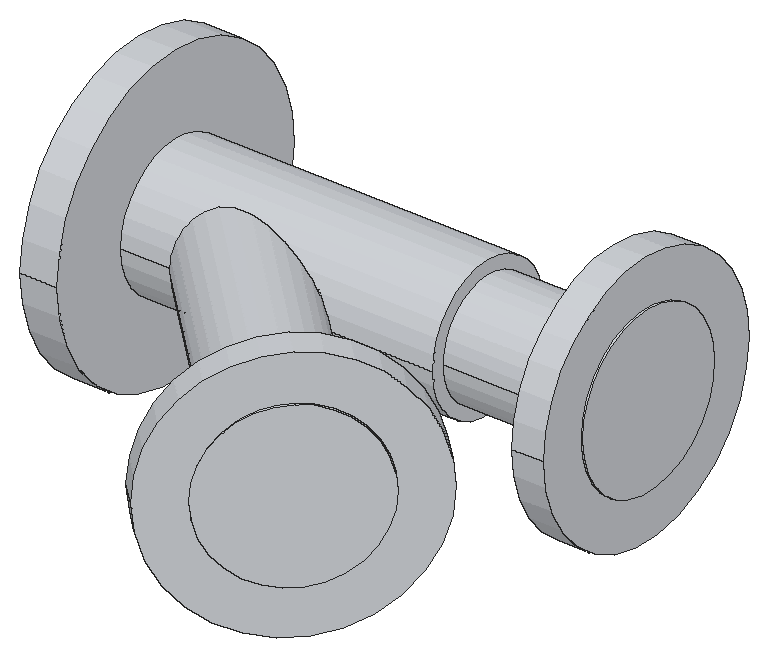
Revit family "be2141bf719e42af8dbcf5ea689d5831", category Pipe Fittings, Revit 2021
Family settings
  Round Connector Dimension = Use Radius
  Part Type = Lateral Tee
  OmniClass Number = 23.60.30.11.14
  OmniClass Title = Pipework Fittings
  Seek Item ID = Lateral 45 Deg Reducing - Flanged - GI - Class 250-0000-USA-ENU
  Work Plane-Based = No
  Always vertical = Yes
  Cut with Voids When Loaded = No
  Shared = No
Parameters (values of type "Standard")
  Tick Size 3 [instance] = Flange Diameter 3 * 0.4  # 2.59843"
  Tick Size 2 [instance] = Flange Diameter 2 * 0.4  # 2.59843"
  Tick Size 1 [instance] = Flange Diameter 1 * 0.4  # 3.00787"
  Short Center to Face [instance] = size_lookup(Lookup Table Name, "SCtF", 0.35 * Max Nominal Diameter 123 + 1 111/128", Max Nominal Diameter 123)  # 2.51969"
  Raised Face Thickness [instance] = 1/16"  # constant formula
  Raised Face Radius 3 [instance] = Raised Face Diameter 3 / 2  # 2.08661"
  Raised Face Radius 2 [instance] = Raised Face Diameter 2 / 2  # 2.08661"
  Raised Face Radius 1 [instance] = Raised Face Diameter 1 / 2  # 2.46063"
  Raised Face Diameter 3 [instance] = size_lookup(Lookup Table Name, "RFD", 1.2 * Nominal Diameter 3 + 2 1/256", Nominal Diameter 3)  # 4.17323"
  Raised Face Diameter 2 [instance] = size_lookup(Lookup Table Name, "RFD", 1.2 * Nominal Diameter 2 + 2 1/256", Nominal Diameter 2)  # 4.17323"
  Raised Face Diameter 1 [instance] = size_lookup(Lookup Table Name, "RFD", 1.2 * Nominal Diameter 1 + 2 1/256", Nominal Diameter 1)  # 4.92126"
  Nominal Radius 3 [instance] = 1"
  Nominal Radius 2 [instance] = 1"
  Nominal Radius 1 [instance] = 1 1/4"
  Min Nominal Diameter 12 [instance] = if(Nominal Diameter 1 > Nominal Diameter 2, Nominal Diameter 2, Nominal Diameter 1)  # 2"
  Max Nominal Diameter 12 [instance] = if(Nominal Diameter 1 > Nominal Diameter 2, Nominal Diameter 1, Nominal Diameter 2)  # 2 1/2"
  Max Nominal Diameter 123 [instance] = if(and(not(Nominal Diameter 1 < Nominal Diameter 2), not(Nominal Diameter 1 < Nominal Diameter 3)), Nominal Diameter 1, if(and(not(Nominal Diameter 2 < Nominal Diameter 1), not(Nominal Diameter 2 < Nominal Diameter 3)), Nominal Diameter 2, Nominal Diameter 3))  # 2 1/2"
  Nominal Diameter 3 [instance] = Nominal Radius 3 * 2  # 2"
  Nominal Diameter 2 [instance] = Nominal Radius 2 * 2  # 2"
  Nominal Diameter 1 [instance] = Nominal Radius 1 * 2  # 2 1/2"
  Wall Thickness 3 [instance] = size_lookup(Lookup Table Name, "WThk", 0.06 * Nominal Diameter 3 + 97/256", Nominal Diameter 3)  # 0.43701"
  Wall Thickness 2 [instance] = size_lookup(Lookup Table Name, "WThk", 0.06 * Min Nominal Diameter 12 + 97/256", Min Nominal Diameter 12)  # 0.43701"
  Wall Thickness 1 [instance] = size_lookup(Lookup Table Name, "WThk", 0.06 * Max Nominal Diameter 12 + 97/256", Max Nominal Diameter 12)  # 1/2"
  Loss Method = K Coefficient from Table
  Lookup Table Name = "Lateral 45 Deg Reducing - Flanged - GI - Class 250"
  K Coefficient Table = "Flanged Tee"
  Default Elevation = 0' - 0"
  Branch Length 2 [instance] = Branch Length 1 + Flange Thickness 3  # 10.51181"
  Branch Length 1 [instance] = if(and(not(Angle > 90.00°), Length 1 < 0"), (Max Flange Radius 12 + Flange Radius 3 * cos(Angle)) / sin(Angle), if(and(Angle > 90.00°, Length 1 < 0"), (Max Flange Radius 12 + Flange Radius 3 * cos(180.00° - Angle)) / sin(180.00° - Angle), C3 Center to Face - Flange Thickness 3))  # 9.6378"
  Run Length 6 [instance] = Fix Length + Run Length 4  # 246.4252"
  C3 Center to Face [instance] = if(not(Max Nominal Diameter 123 > 16"), Center to Face, if(not(Nominal Diameter 3 > Branch Size and Smaller), Center to Face Branch, Center to Face))  # 10.51181"
  Run Length 5 [instance] = if(or(and(Angle > 90.00°, Nominal Diameter 1 > Nominal Diameter 2), and(Angle < 90.00°, Nominal Diameter 1 < Nominal Diameter 2, not(Length 3 < 0"))), Run Length - Length 3 / 3, if(and(Angle < 90.00°, Nominal Diameter 1 < Nominal Diameter 2, Length 3 < 0"), Run Length, Run Length - Length 4 / 3))  # 7.94488"
  Run Length 4 [instance] = Run Length 5 - Run Length 1  # 6.4252"
  C2 Center to Face [instance] = if(not(Max Nominal Diameter 123 > 16"), Center to Face, if(not(Nominal Diameter 3 > Branch Size and Smaller), Center to Face Run 2, Center to Face))  # 10.51181"
  Run Length 3 [instance] = if(and(not(Angle > 90.00°), Length 1 < 0"), Max Flange Radius 12 / tan(Angle - atan(Flange Radius 3 / Branch Length 1)) + Flange Thickness 12 + Raised Face Thickness, if(and(Angle > 90.00°, Length 1 < 0"), Max Flange Radius 12 / tan(180.00° - Angle - atan(Flange Radius 3 / Branch Length 1)) + Flange Thickness 12, C2 Center to Face))  # 10.51181"
  Run Length 2 [instance] = if(not(Nominal Diameter 1 < Nominal Diameter 2), Fix Length - Run Length 1, Fix Length + Run Length 4 - Run Length)  # 238.48031"
  Run Length 1 [instance] = if(and(Angle > 90.00°, Nominal Diameter 2 > Nominal Diameter 1), 2 * Length 4 / 3, if(and(Angle > 90.00°, not(Nominal Diameter 2 > Nominal Diameter 1)), Length 4, if(and(Angle < 90.00°, Nominal Diameter 2 > Nominal Diameter 1), 2 * Length 3 / 3, Length 3)))  # 1.51969"
  C1 Center to Face [instance] = if(not(Max Nominal Diameter 123 > 16"), Short Center to Face, if(not(Nominal Diameter 3 > Branch Size and Smaller), Center to Face Run 1, Short Center to Face))  # 2.51969"
  Length 1 [instance] = if(Angle < 90.00°, ((C3 Center to Face - Flange Thickness 3) / cos(Angle 3) * sin(Angle - Angle 3) - Max Flange Radius 12), ((C3 Center to Face - Flange Thickness 3) / cos(Angle 3) * sin(180.00° - Angle - Angle 3) - Max Flange Radius 12))  # 0.7584"
  Run Length [instance] = Length 3 + Length 4  # 11.15748"
  Length 4 [instance] = Run Length 3 - Flange Thickness 12  # 9.6378"
  Length 3 [instance] = if(not(Angle > 90.00°), C1 Center to Face - Flange Thickness 1, C1 Center to Face - Flange Thickness 2)  # 1.51969"
  Length 2 [instance] = Run Length - (Run Length 5)  # 3.2126"
  Fix Length [instance] = 240"  # constant formula
  Flange Thickness 12 [instance] = if(not(Angle > 90.00°), Flange Thickness 2, Flange Thickness 1)  # 0.87402"
  Max Flange Thickness 12 [instance] = size_lookup(Lookup Table Name, "FThk", 0.06 * Max Nominal Diameter 12 + 149/256", Max Nominal Diameter 12)  # 1"
  Max Flange Radius 12 [instance] = Max Flange Diameter 12 / 2  # 3.75984"
  Max Flange Diameter 12 [instance] = size_lookup(Lookup Table Name, "FDia", 1.21 * Max Nominal Diameter 12 + 3 105/128", Max Nominal Diameter 12)  # 7.51969"
  Fitting Outside Radius 3 [instance] = Fitting Outside Diameter 3 / 2  # 1.44094"
  Fitting Outside Radius 2 [instance] = Fitting Outside Diameter 2 / 2  # 1.44094"
  Fitting Outside Radius 1 [instance] = Fitting Outside Diameter 1 / 2  # 1.75984"
  Fitting Outside Diameter 3 [instance] = Fitting Inside Diameter 3 + Wall Thickness 3 * 2  # 2.88189"
  Fitting Outside Diameter 2 [instance] = Fitting Inside Diameter 2 + Wall Thickness 2 * 2  # 2.88189"
  Fitting Outside Diameter 1 [instance] = Fitting Inside Diameter 1 + Wall Thickness 1 * 2  # 3.51969"
  Fitting Inside Diameter 3 [instance] = size_lookup(Lookup Table Name, "FID", 0.97 * Nominal Diameter 3 + 13/128", Nominal Diameter 3)  # 2.00787"
  Fitting Inside Diameter 2 [instance] = size_lookup(Lookup Table Name, "FID", 0.97 * Min Nominal Diameter 12 + 13/128", Min Nominal Diameter 12)  # 2.00787"
  Fitting Inside Diameter 1 [instance] = size_lookup(Lookup Table Name, "FID", 0.97 * Max Nominal Diameter 12 + 13/128", Max Nominal Diameter 12)  # 2.51969"
  Center to Face Run 2 [instance] = size_lookup(Lookup Table Name, "CtFR2", 1.7 * Max Nominal Diameter 12 + 169/256", Max Nominal Diameter 12)  # 0.03937"
  Center to Face Run 1 [instance] = size_lookup(Lookup Table Name, "CtFR1", 0.53 * Max Nominal Diameter 12 + 4 23/32", Max Nominal Diameter 12)  # 0.03937"
  Flange Thickness 3 [instance] = size_lookup(Lookup Table Name, "FThk", 0.083 * Nominal Diameter 3 + 217/256", Nominal Diameter 3)  # 0.87402"
  Flange Thickness 2 [instance] = size_lookup(Lookup Table Name, "FThk", 0.083 * Nominal Diameter 2 + 217/256", Nominal Diameter 2)  # 0.87402"
  Flange Thickness 1 [instance] = size_lookup(Lookup Table Name, "FThk", 0.083 * Nominal Diameter 1 + 217/256", Nominal Diameter 1)  # 1"
  Flange Radius 3 [instance] = Flange Diameter 3 / 2  # 3.24803"
  Flange Radius 2 [instance] = Flange Diameter 2 / 2  # 3.24803"
  Flange Radius 1 [instance] = Flange Diameter 1 / 2  # 3.75984"
  Flange Diameter 3 [instance] = size_lookup(Lookup Table Name, "FDia", 1.34 * Nominal Diameter 3 + 4 3/16", Nominal Diameter 3)  # 6.49606"
  Flange Diameter 2 [instance] = size_lookup(Lookup Table Name, "FDia", 1.34 * Nominal Diameter 2 + 4 3/16", Nominal Diameter 2)  # 6.49606"
  Flange Diameter 1 [instance] = size_lookup(Lookup Table Name, "FDia", 1.34 * Nominal Diameter 1 + 4 3/16", Nominal Diameter 1)  # 7.51969"
  Center to Face Branch [instance] = size_lookup(Lookup Table Name, "CtFB", 1.77 * Max Nominal Diameter 123 + 1 19/256", Max Nominal Diameter 123)  # 0.03937"
  Center to Face [instance] = size_lookup(Lookup Table Name, "CtF", 1.79 * Max Nominal Diameter 123 + 5 219/256", Max Nominal Diameter 123)  # 10.51181"
  Branch Size and Smaller [instance] = size_lookup(Lookup Table Name, "BSaS", 0.64 * Max Nominal Diameter 12 - 3 15/64", Max Nominal Diameter 12)  # 1"
  Angle 3 [instance] = atan(Flange Radius 3 / (C3 Center to Face - Flange Thickness 3))  # 18.6243°
  Angle [instance] = 45.00°
Reference planes (in)
  plane 1 "Center (Front/Back)": y = 0
  plane 2: z = 0
  plane 3 "Center (Left/Right)": x = 0
  plane 4: x = -1.51969
  plane 5: x = 6.4252
  plane 6 "1": x = 9.6378
  plane 7: x = -1.51969
  plane 8: x = -2.51969
  plane 9: x = 10.51181
  plane 10: x = -240
  plane 11: x = -3.96063
  plane 12: x = 11.95276
  plane 13: x = -1.51969
  plane 14: y = 3.00787
  plane 15: y = -3.00787
  plane 16: y = 2.59843
  plane 17: y = -2.59843
  plane 18: x = 10.44931
  plane 19: x = -2.45719
Forms (in)
  Sweep 1, solid, detail levels fine
    path in 3D
      loop
        line (-2.45719, 0, 0) -> (-1.51969, 0, 0)
    profile origin (-1.98844, 0, 0) x (0, 1, 0) y (0, 0, 1)
      loop
        circle (0, 0) r 3.75984
  Sweep 2, solid, detail levels fine
    path in 3D
      loop
        line (9.6378, 0, 0) -> (10.44931, 0, 0)
    profile origin (10.04355, 0, 0) x (0, 1, 0) y (0, 0, 1)
      loop
        circle (0, 0) r 3.24803
  Sweep 3, solid, detail levels fine
    path in 3D
      loop
        line (0, 0, 0) -> (6.81495, -6.81495, 0)
    profile origin (3.40748, -3.40748, 0) x (0.707107, 0.707107, 0) y (0, 0, 1)
      loop
        circle (0, 0) r 1.44094
  Extrusion 4, void
    sketch origin (0, 0, 0) x (0, 1, 0) y (0, 0, 1)
      loop
        circle (0, 0) r 3.75984
    from -3.96063 to -2.51969
  Extrusion 5, void
    sketch origin (0, 0, 0) x (0, 1, 0) y (0, 0, 1)
      loop
        circle (0, 0) r 3.75984
    from 10.51181 to 11.95276
  Extrusion 6, void
    sketch origin (0, 0, 0) x (0, 1, 0) y (0, 0, 1)
      loop
        circle (0, 0) r 3.75984
    from -3.96063 to -2.51969
  Extrusion 7, void
    sketch origin (0, 0, 0) x (0, 1, 0) y (0, 0, 1)
      loop
        circle (0, 0) r 3.75984
    from 10.51181 to 11.95276
  Sweep 8, solid, detail levels fine
    path in 3D
      loop
        line (7.38878, -7.38878, 0) -> (7.43297, -7.43297, 0)
    profile origin (7.41088, -7.41088, 0) x (0.707107, 0.707107, 0) y (0, 0, 1)
      loop
        circle (0, 0) r 2.08661
  Sweep 9, solid, detail levels fine
    path in 3D
      loop
        line (6.81495, -6.81495, 0) -> (7.38878, -7.38878, 0)
    profile origin (7.10186, -7.10186, 0) x (0.707107, 0.707107, 0) y (0, 0, 1)
      loop
        circle (0, 0) r 3.24803
  Extrusion 10, solid, detail levels fine
    sketch origin (0, 0, 0) x (0, 1, 0) y (0, 0, 1)
      loop
        circle (0, 0) r 1.75984
    from -1.51969 to 6.4252
  Extrusion 11, solid, detail levels fine
    sketch origin (0, 0, 0) x (0, 1, 0) y (0, 0, 1)
      loop
        circle (0, 0) r 1.44094
    from 9.6378 to -1.51969
  Sweep 12, solid, detail levels fine
    path in 3D
      loop
        line (-2.51969, 0, 0) -> (-2.45719, 0, 0)
    profile origin (-2.48844, 0, 0) x (0, 1, 0) y (0, 0, 1)
      loop
        circle (0, 0) r 2.46063
  Sweep 13, solid, detail levels fine
    path in 3D
      loop
        line (10.44931, 0, 0) -> (10.51181, 0, 0)
    profile origin (10.48056, 0, 0) x (0, 1, 0) y (0, 0, 1)
      loop
        circle (0, 0) r 2.08661
Cuts and joins
  Extrusion 4, Extrusion 5 cuts Sweep 3
  joined: Sweep 3, Sweep 8, Sweep 9
  joined: Sweep 1, Sweep 2, Extrusion 10, Extrusion 11, Sweep 12, Sweep 13
Lines and regions (in)
  reference lines
    curve 1: line (0, 0, 0) -> (6.81495, -6.81495, 0)
    curve 2: line (-2.45719, 0, 0) -> (-1.51969, 0, 0)
    curve 4: line (9.6378, 0, 0) -> (10.44931, 0, 0)
    curve 7: line (-1.51969, 0, 0) -> (-2.51969, 0, 0)
    curve 8: line (9.6378, 0, 0) -> (10.51181, 0, 0)
    curve 14: line (6.81495, -6.81495, 0) -> (7.38878, -7.38878, 0)
    curve 15: line (7.38878, -7.38878, 0) -> (7.43297, -7.43297, 0)
    curve 16: line (7.43297, -7.43297, 0) -> (6.81495, -6.81495, 0)
    curve 19: line (-2.51969, 0, 0) -> (-2.45719, 0, 0)
    curve 21: line (10.44931, 0, 0) -> (10.51181, 0, 0)
  sketch lines
    curve 3: line (-2.45719, 0, 0) -> (-1.51969, 0, 0)
    curve 5: line (9.6378, 0, 0) -> (10.44931, 0, 0)
    curve 6: line (0, 0, 0) -> (6.81495, -6.81495, 0)
    curve 17: line (7.38878, -7.38878, 0) -> (7.43297, -7.43297, 0)
    curve 18: line (6.81495, -6.81495, 0) -> (7.38878, -7.38878, 0)
    curve 20: line (-2.51969, 0, 0) -> (-2.45719, 0, 0)
    curve 22: line (10.44931, 0, 0) -> (10.51181, 0, 0)
  model lines, detail levels coarse+medium
    curve 9: line (-2.51969, 0, 0) -> (10.51181, 0, 0)
    curve 10: line (-2.51969, 3.00787, 0) -> (-2.51969, -3.00787, 0)
    curve 11: line (10.51181, 2.59843, 0) -> (10.51181, -2.59843, 0)
    curve 12: line (0, 0, 0) -> (7.43297, -7.43297, 0)
    curve 13: line (5.59561, -9.27034, 0) -> (9.27034, -5.59561, 0)
Dimensions and locks (in)
  "Run Length": plane 7 to plane 6 "1"
  "Fix Length": plane 10 to plane 3 "Center (Left/Right)"
  locked: plane 11 to plane 8 at 1.44094
  locked: plane 9 to plane 12 at 1.44094
  "Run Length 5": plane 4 to plane 5
  "Run Length 6": plane 10 to plane 5
  "Run Length 2": plane 10 to plane 7
  equal spacing: plane 15, plane 1 "Center (Front/Back)", plane 14
  "Tick Size 1": plane 1 "Center (Front/Back)" to plane 14
  equal spacing: plane 16, plane 1 "Center (Front/Back)", plane 17
  "Tick Size 2": plane 16 to plane 1 "Center (Front/Back)"
  "Branch Length 2": curve 12 to curve 12
  equal spacing: curve 13, curve 12, curve 13
  "Tick Size 3": curve 12 to curve 13
  "Raised Face Thickness": plane 8 to plane 19
  "Raised Face Thickness": plane 18 to plane 9
  "Branch Length 1": curve 1 to curve 1
  "Raised Face Thickness": curve 15 to curve 15
  "Flange Thickness 1": plane 8 to plane 7
  "Flange Thickness 2": plane 6 "1" to plane 9
  "Flange Thickness 3": curve 14 to curve 16
  "Flange Radius 1": radius of Sweep 1 sketch curve
  "Flange Radius 2": radius of Sweep 2 sketch curve
  "Fitting Outside Radius 3": radius of Sweep 3 sketch curve
  "Max Flange Radius 12": radius of Extrusion 4 sketch curve
  "Max Flange Radius 12": radius of Extrusion 5 sketch curve
  locked: Extrusion 6 sketch curve to Extrusion 6 sketch curve (radius 0' - 3.75984")
  locked: Extrusion 7 sketch curve to Extrusion 7 sketch curve (radius 0' - 3.75984")
  "Raised Face Radius 3": radius of Sweep 8 sketch curve
  "Flange Radius 3": radius of Sweep 9 sketch curve
  "Fitting Outside Radius 1": radius of Extrusion 10 sketch curve
  "Fitting Outside Radius 2": radius of Extrusion 11 sketch curve
  "Raised Face Radius 1": radius of Sweep 12 sketch curve
  "Raised Face Radius 2": radius of Sweep 13 sketch curve
  "Angle": angle curve 1 to plane 1 "Center (Front/Back)"
  "Angle": angle curve 12 to plane 1 "Center (Front/Back)"
  "Angle": angle curve 13 to plane 3 "Center (Left/Right)"
  "Angle": angle curve 14 to plane 1 "Center (Front/Back)"
  "Angle": angle curve 15 to plane 1 "Center (Front/Back)"
  "Angle": angle curve 16 to plane 1 "Center (Front/Back)"
  aligned and locked: plane 3 "Center (Left/Right)" to curve 1
  aligned and locked: plane 7 to curve 2
  aligned and locked: plane 1 "Center (Front/Back)" to curve 2
  aligned and locked: profile plane to Sweep 1 sketch curve  (x2)
  aligned and locked: profile plane to Sweep 2 sketch curve  (x2)
  aligned and locked: plane 1 "Center (Front/Back)" to curve 4  (x2)
  aligned and locked: profile plane to Sweep 3 sketch curve  (x2)
  aligned and locked: plane 1 "Center (Front/Back)" to Extrusion 4 sketch curve
  aligned and locked: plane 2 to Extrusion 4 sketch curve
  aligned and locked: Extrusion 4 to plane 11
  aligned and locked: plane 8 to Extrusion 4
  aligned and locked: plane 1 "Center (Front/Back)" to Extrusion 5 sketch curve
  aligned and locked: plane 2 to Extrusion 5 sketch curve
  aligned and locked: plane 12 to Extrusion 5
  aligned and locked: Extrusion 5 to plane 9
  aligned and locked: plane 6 "1" to curve 4
  aligned and locked: plane 8 to curve 7
  aligned and locked: plane 9 to curve 8
  aligned and locked: curve 7 to plane 1 "Center (Front/Back)"
  aligned and locked: plane 1 "Center (Front/Back)" to curve 8
  aligned and locked: plane 8 to curve 9
  aligned and locked: plane 9 to curve 9
  aligned and locked: plane 14 to curve 10
  aligned and locked: plane 15 to curve 10
  aligned and locked: curve 11 to plane 16
  aligned and locked: curve 11 to plane 17
  aligned and locked: curve 10 to plane 8
  aligned and locked: curve 11 to plane 9
  aligned and locked: plane 3 "Center (Left/Right)" to curve 12
  aligned and locked: plane 2 to Extrusion 6 sketch curve
  aligned and locked: plane 1 "Center (Front/Back)" to Extrusion 6 sketch curve
  aligned and locked: Extrusion 6 to plane 11
  aligned and locked: plane 8 to Extrusion 6
  aligned and locked: plane 1 "Center (Front/Back)" to Extrusion 7 sketch curve
  aligned and locked: plane 2 to Extrusion 7 sketch curve
  aligned and locked: Extrusion 7 to plane 9
  aligned and locked: plane 12 to Extrusion 7
  aligned and locked: curve 9 to curve 8
  aligned and locked: profile plane to Sweep 8 sketch curve  (x2)
  aligned and locked: profile plane to Sweep 9 sketch curve  (x2)
  aligned and locked: plane 2 to Extrusion 10 sketch curve
  aligned and locked: plane 1 "Center (Front/Back)" to Extrusion 10 sketch curve
  aligned and locked: plane 2 to Extrusion 11 sketch curve
  aligned and locked: plane 1 "Center (Front/Back)" to Extrusion 11 sketch curve
  aligned and locked: Extrusion 11 to plane 7
  aligned and locked: plane 6 "1" to Extrusion 11
  aligned and locked: plane 5 to Extrusion 10
  aligned and locked: Extrusion 10 to plane 4
  aligned and locked: plane 8 to curve 19
  aligned and locked: plane 19 to curve 19
  aligned and locked: profile plane to Sweep 12 sketch curve  (x2)
  aligned and locked: plane 1 "Center (Front/Back)" to curve 19
  aligned and locked: plane 18 to curve 21
  aligned and locked: plane 9 to curve 21
  aligned and locked: profile plane to Sweep 13 sketch curve  (x2)
Automatic sketch dimensions
  curve 1 to plane 1 "Center (Front/Back)" = 0' - 0"
  curve 7 to plane 4 = 0' - 0"
  curve 8 to plane 6 "1" = 0' - 0"
Connectors (in)
  piping at (-2.51969, 0, 0), diameter 2.5, driven by "Nominal Radius 1"
    settings: on cut or joined group of Sweep 1, Sweep 2, Extrusion 10, Extrusion 11, Sweep 12, Sweep 13, index 1, connector inside diameter 2 1/2", connector length 0' - 0", flow factor 0, pipe flow 0 GPM, pressure drop 0.00 psi, fitting loss kfactor 0, connector angle 0.00°, fixture units 0, engagement length 0' - 0", angle of deflection 0.00°, flow configuration 0, flow direction 0, fitting loss method 0, system type 28, joint type 0, gender type 0, connector reference index 2, connector utility 0, adjustable connector no, is connector primary yes, connector description ""
  piping at (10.51181, 0, 0), diameter 2, driven by "Nominal Radius 2"
    settings: on cut or joined group of Sweep 1, Sweep 2, Extrusion 10, Extrusion 11, Sweep 12, Sweep 13, index 2, connector inside diameter 2", connector length 0' - 0", flow factor 0, pipe flow 0 GPM, pressure drop 0.00 psi, fitting loss kfactor 0, connector angle 0.00°, fixture units 0, engagement length 0' - 0", angle of deflection 0.00°, flow configuration 0, flow direction 0, fitting loss method 0, system type 28, joint type 0, gender type 0, connector reference index 1, connector utility 0, adjustable connector no, is connector primary no, connector description ""
  piping at (7.43297, -7.43297, 0), diameter 2, driven by "Angle", driven by "Nominal Radius 3"
    settings: on cut or joined group of Sweep 3, Extrusion 4, Extrusion 5, Sweep 8, Sweep 9, index 3, connector inside diameter 2", connector length 0' - 0", flow factor 0, pipe flow 0 GPM, pressure drop 0.00 psi, fitting loss kfactor 0, connector angle 45.00°, fixture units 0, engagement length 0' - 0", angle of deflection 0.00°, flow configuration 0, flow direction 0, fitting loss method 0, system type 28, joint type 0, gender type 0, connector reference index -1, connector utility 0, adjustable connector no, is connector primary no, connector description ""
